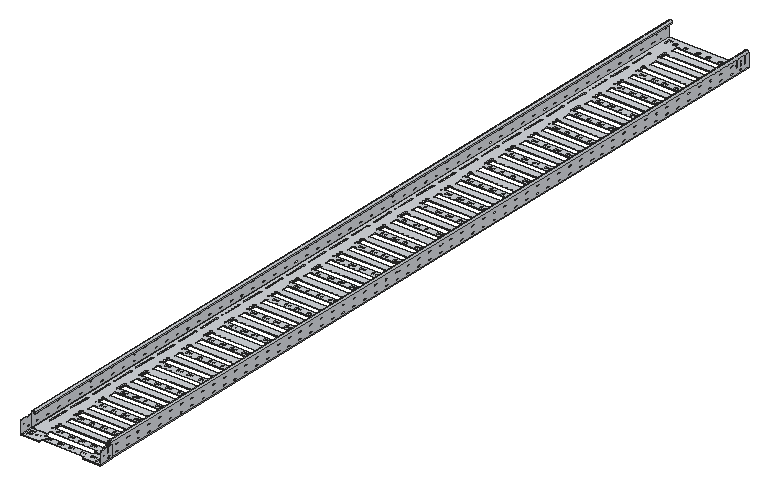
Revit family "MKSM Magic Kabelrinne 1 mm- MKSM 630 FT,FS", category Generic Models, Revit 2017 (continued)
Dimensions and locks
  locked: cut or joined group 1 (Extrusion 1, Extrusion 3, Extrusion 4, Extrusion 5, Extrusion 6, Extrusion 7, Extrusion 8, Extrusion 9, Extrusion 10, Extrusion 11, Extrusion 12, Extrusion 13, Extrusion 14, Extrusion 15, Extrusion 16, Extrusion 17, Extrusion 18, Extrusion 19, Extrusion 20, Extrusion 21, Extrusion 22, Extrusion 23, Extrusion 24, Extrusion 25, Extrusion 26, Extrusion 27, Extrusion 28, Extrusion 29, Extrusion 30, Extrusion 31, Extrusion 32, Extrusion 33, Extrusion 34, Extrusion 35, Extrusion 36, Extrusion 37, Extrusion 38, Extrusion 39, Extrusion 40, Extrusion 41, Extrusion 42, Extrusion 43, Extrusion 44, Extrusion 45, Extrusion 46, Extrusion 47, Extrusion 48, Extrusion 49, Extrusion 50, Extrusion 51, Extrusion 52, Extrusion 53, Extrusion 54, Extrusion 55, Extrusion 56, Extrusion 57, Extrusion 58, Extrusion 59, Extrusion 60, Extrusion 61, Extrusion 62, Extrusion 63, Extrusion 64, Extrusion 65, Extrusion 66, Extrusion 67, Extrusion 68, Extrusion 69, Extrusion 70, Extrusion 71, Extrusion 72, Extrusion 73, Extrusion 74, Extrusion 75, Extrusion 76, Extrusion 77, Extrusion 78, Extrusion 79, Extrusion 80, Extrusion 81, Extrusion 82, Extrusion 83, Extrusion 84, Extrusion 85, Extrusion 86, Extrusion 87, Extrusion 88, Extrusion 89, Extrusion 90, Extrusion 91, Extrusion 92, Extrusion 93, Extrusion 94, Extrusion 95, Extrusion 96, Extrusion 97, Extrusion 98, Extrusion 99, Extrusion 100, Extrusion 101, Extrusion 102, Extrusion 103, Extrusion 104, Extrusion 105, Extrusion 106, Extrusion 107, Extrusion 108, Extrusion 109, Extrusion 110, Extrusion 111, Extrusion 112, Extrusion 113, Extrusion 114, Extrusion 115, Extrusion 116, Extrusion 117, Extrusion 118, Extrusion 119, Extrusion 120, Extrusion 121, Extrusion 122, Extrusion 123, Extrusion 124, Extrusion 125, Extrusion 126, Extrusion 127, Extrusion 128, Extrusion 129, Extrusion 130, Extrusion 131, Extrusion 132, Extrusion 133, Extrusion 134, Extrusion 135, Extrusion 136, Extrusion 137, Extrusion 138, Extrusion 139, Extrusion 140, Extrusion 141, Extrusion 142, Extrusion 143, Extrusion 144, Extrusion 145, Extrusion 146, Extrusion 147, Extrusion 148, Extrusion 149, Extrusion 150, Extrusion 151, Extrusion 152, Extrusion 153, Extrusion 154, Extrusion 155, Extrusion 156, Extrusion 157, Extrusion 158, Extrusion 159, Extrusion 160, Extrusion 161, Extrusion 162, Extrusion 163, Extrusion 164, Extrusion 165, Extrusion 166, Extrusion 167, Extrusion 168, Extrusion 169, Extrusion 170, Extrusion 171, Extrusion 172, Extrusion 173, Extrusion 174, Extrusion 175, Extrusion 176, Extrusion 177, Extrusion 178, Extrusion 179, Extrusion 180, Extrusion 181, Extrusion 182, Extrusion 183, Extrusion 184, Extrusion 185, Extrusion 186, Extrusion 187, Extrusion 188, Extrusion 189, Extrusion 190, Extrusion 191, Extrusion 192, Extrusion 193, Extrusion 194, Extrusion 195, Extrusion 196, Extrusion 197, Extrusion 198, Extrusion 199, Extrusion 200, Extrusion 201, Extrusion 202, Extrusion 203, Extrusion 204, Extrusion 205, Extrusion 206, Extrusion 207, Extrusion 208, Extrusion 209, Extrusion 210, Extrusion 211, Extrusion 212, Extrusion 213, Extrusion 214, Extrusion 215, Extrusion 216, Extrusion 217, Extrusion 218, Extrusion 219, Extrusion 220, Extrusion 221, Extrusion 222, Extrusion 223, Extrusion 224, Extrusion 225, Extrusion 226, Extrusion 227, Extrusion 228, Extrusion 229, Extrusion 230, Extrusion 231, Extrusion 232, Extrusion 233, Extrusion 234, Extrusion 235, Extrusion 236, Extrusion 237, Extrusion 238, Extrusion 239, Extrusion 240, Extrusion 241, Extrusion 242, Extrusion 243, Extrusion 244, Extrusion 249, Extrusion 250, Extrusion 251, Extrusion 252, Extrusion 254, Extrusion 257, Extrusion 258, Extrusion 259, Extrusion 260, Extrusion 261, Extrusion 262, Extrusion 263, Extrusion 264, Extrusion 265, Extrusion 266, Extrusion 267, Extrusion 268, Extrusion 269, Extrusion 270, Extrusion 271, Extrusion 272, Extrusion 273, Extrusion 274, Extrusion 275, Extrusion 276, Extrusion 277, Extrusion 278, Extrusion 279, Extrusion 280, Extrusion 281, Extrusion 282, Extrusion 283, Extrusion 284, Extrusion 285, Extrusion 286, Extrusion 287, Extrusion 289, Extrusion 290, Extrusion 291, Extrusion 292, Extrusion 293, Extrusion 294, Extrusion 295, Extrusion 296, Extrusion 297, Extrusion 298, Extrusion 299, Extrusion 300, Extrusion 301, Extrusion 302, Extrusion 303, Extrusion 304, Extrusion 305, Extrusion 306, Extrusion 307, Extrusion 308, Extrusion 309, Extrusion 310, Extrusion 311, Extrusion 312, Extrusion 313, Extrusion 314, Extrusion 315, Extrusion 316, Extrusion 317, Extrusion 318, Extrusion 319, Extrusion 320, Extrusion 321, Extrusion 322, Extrusion 323, Extrusion 324, Extrusion 325, Extrusion 326, Extrusion 327, Extrusion 328, Extrusion 329, Extrusion 330, Extrusion 331, Extrusion 332, Extrusion 333, Extrusion 334, Extrusion 335, Extrusion 336, Extrusion 337, Extrusion 338, Extrusion 339, Extrusion 340, Extrusion 341, Extrusion 342, Extrusion 343, Extrusion 344, Extrusion 345, Extrusion 346, Extrusion 347, Extrusion 348, Extrusion 349, Extrusion 350, Extrusion 351, Extrusion 352, Extrusion 353, Extrusion 354, Extrusion 355, Extrusion 356, Extrusion 357, Extrusion 358, Extrusion 359, Extrusion 360, Extrusion 361, Extrusion 362, Extrusion 363, Extrusion 364, Extrusion 365, Extrusion 366, Extrusion 367, Extrusion 368, Extrusion 369, Extrusion 370, Extrusion 371, Extrusion 372, Extrusion 373, Extrusion 374, Extrusion 375, Extrusion 376, Extrusion 377, Extrusion 378, Extrusion 379, Extrusion 380, Extrusion 381, Extrusion 382, Extrusion 383, Extrusion 384, Extrusion 385, Extrusion 386, Extrusion 387, Extrusion 388, Extrusion 389, Extrusion 390, Extrusion 391, Extrusion 392, Extrusion 393, Extrusion 394, Extrusion 395, Extrusion 396, Extrusion 397, Extrusion 398, Extrusion 399, Extrusion 400, Extrusion 401) to cut or joined group 2 (Extrusion 1, Extrusion 3, Extrusion 4, Extrusion 5, Extrusion 6, Extrusion 7, Extrusion 8, Extrusion 9, Extrusion 10, Extrusion 11, Extrusion 12, Extrusion 13, Extrusion 14, Extrusion 15, Extrusion 16, Extrusion 17, Extrusion 18, Extrusion 19, Extrusion 20, Extrusion 21, Extrusion 22, Extrusion 23, Extrusion 24, Extrusion 25, Extrusion 26, Extrusion 27, Extrusion 28, Extrusion 29, Extrusion 30, Extrusion 31, Extrusion 32, Extrusion 33, Extrusion 34, Extrusion 35, Extrusion 36, Extrusion 37, Extrusion 38, Extrusion 39, Extrusion 40, Extrusion 41, Extrusion 42, Extrusion 43, Extrusion 44, Extrusion 45, Extrusion 46, Extrusion 47, Extrusion 48, Extrusion 49, Extrusion 50, Extrusion 51, Extrusion 52, Extrusion 53, Extrusion 54, Extrusion 55, Extrusion 56, Extrusion 57, Extrusion 58, Extrusion 59, Extrusion 60, Extrusion 61, Extrusion 62, Extrusion 63, Extrusion 64, Extrusion 65, Extrusion 66, Extrusion 67, Extrusion 68, Extrusion 69, Extrusion 70, Extrusion 71, Extrusion 72, Extrusion 73, Extrusion 74, Extrusion 75, Extrusion 76, Extrusion 77, Extrusion 78, Extrusion 79, Extrusion 80, Extrusion 81, Extrusion 82, Extrusion 83, Extrusion 84, Extrusion 85, Extrusion 86, Extrusion 87, Extrusion 88, Extrusion 89, Extrusion 90, Extrusion 91, Extrusion 92, Extrusion 93, Extrusion 94, Extrusion 95, Extrusion 96, Extrusion 97, Extrusion 98, Extrusion 99, Extrusion 100, Extrusion 101, Extrusion 102, Extrusion 103, Extrusion 104, Extrusion 105, Extrusion 106, Extrusion 107, Extrusion 108, Extrusion 109, Extrusion 110, Extrusion 111, Extrusion 112, Extrusion 113, Extrusion 114, Extrusion 115, Extrusion 116, Extrusion 117, Extrusion 118, Extrusion 119, Extrusion 120, Extrusion 121, Extrusion 122, Extrusion 123, Extrusion 124, Extrusion 125, Extrusion 126, Extrusion 127, Extrusion 128, Extrusion 129, Extrusion 130, Extrusion 131, Extrusion 132, Extrusion 133, Extrusion 134, Extrusion 135, Extrusion 136, Extrusion 137, Extrusion 138, Extrusion 139, Extrusion 140, Extrusion 141, Extrusion 142, Extrusion 143, Extrusion 144, Extrusion 145, Extrusion 146, Extrusion 147, Extrusion 148, Extrusion 149, Extrusion 150, Extrusion 151, Extrusion 152), Extrusion
     153, Extrusion 154, Extrusion 155, Extrusion 156, Extrusion 157, Extrusion 158, Extrusion 159, Extrusion 160, Extrusion 161, Extrusion 162, Extrusion 163, Extrusion 164, Extrusion 165, Extrusion 166, Extrusion 167, Extrusion 168, Extrusion 169, Extrusion 170, Extrusion 171, Extrusion 172, Extrusion 173, Extrusion 174, Extrusion 175, Extrusion 176, Extrusion 177, Extrusion 178, Extrusion 179, Extrusion 180, Extrusion 181, Extrusion 182, Extrusion 183, Extrusion 184, Extrusion 185, Extrusion 186, Extrusion 187, Extrusion 188, Extrusion 189, Extrusion 190, Extrusion 191, Extrusion 192, Extrusion 193, Extrusion 194, Extrusion 195, Extrusion 196, Extrusion 197, Extrusion 198, Extrusion 199, Extrusion 200, Extrusion 201, Extrusion 202, Extrusion 203, Extrusion 204, Extrusion 205, Extrusion 206, Extrusion 207, Extrusion 208, Extrusion 209, Extrusion 210, Extrusion 211, Extrusion 212, Extrusion 213, Extrusion 214, Extrusion 215, Extrusion 216, Extrusion 217, Extrusion 218, Extrusion 219, Extrusion 220, Extrusion 221, Extrusion 222, Extrusion 223, Extrusion 224, Extrusion 225, Extrusion 226, Extrusion 227, Extrusion 228, Extrusion 229, Extrusion 230, Extrusion 231, Extrusion 232, Extrusion 233, Extrusion 234, Extrusion 235, Extrusion 236, Extrusion 237, Extrusion 238, Extrusion 239, Extrusion 240, Extrusion 241, Extrusion 242, Extrusion 243, Extrusion 244, Extrusion 249, Extrusion 250, Extrusion 251, Extrusion 252, Extrusion 254, Extrusion 257, Extrusion 258, Extrusion 259, Extrusion 260, Extrusion 261, Extrusion 262, Extrusion 263, Extrusion 264, Extrusion 265, Extrusion 266, Extrusion 267, Extrusion 268, Extrusion 269, Extrusion 270, Extrusion 271, Extrusion 272, Extrusion 273, Extrusion 274, Extrusion 275, Extrusion 276, Extrusion 277, Extrusion 278, Extrusion 279, Extrusion 280, Extrusion 281, Extrusion 282, Extrusion 283, Extrusion 284, Extrusion 285, Extrusion 286, Extrusion 287, Extrusion 289, Extrusion 290, Extrusion 291, Extrusion 292, Extrusion 293, Extrusion 294, Extrusion 295, Extrusion 296, Extrusion 297, Extrusion 298, Extrusion 299, Extrusion 300, Extrusion 301, Extrusion 302, Extrusion 303, Extrusion 304, Extrusion 305, Extrusion 306, Extrusion 307, Extrusion 308, Extrusion 309, Extrusion 310, Extrusion 311, Extrusion 312, Extrusion 313, Extrusion 314, Extrusion 315, Extrusion 316, Extrusion 317, Extrusion 318, Extrusion 319, Extrusion 320, Extrusion 321, Extrusion 322, Extrusion 323, Extrusion 324, Extrusion 325, Extrusion 326, Extrusion 327, Extrusion 328, Extrusion 329, Extrusion 330, Extrusion 331, Extrusion 332, Extrusion 333, Extrusion 334, Extrusion 335, Extrusion 336, Extrusion 337, Extrusion 338, Extrusion 339, Extrusion 340, Extrusion 341, Extrusion 342, Extrusion 343, Extrusion 344, Extrusion 345, Extrusion 346, Extrusion 347, Extrusion 348, Extrusion 349, Extrusion 350, Extrusion 351, Extrusion 352, Extrusion 353, Extrusion 354, Extrusion 355, Extrusion 356, Extrusion 357, Extrusion 358, Extrusion 359, Extrusion 360, Extrusion 361, Extrusion 362, Extrusion 363, Extrusion 364, Extrusion 365, Extrusion 366, Extrusion 367, Extrusion 368, Extrusion 369, Extrusion 370, Extrusion 371, Extrusion 372, Extrusion 373, Extrusion 374, Extrusion 375, Extrusion 376, Extrusion 377, Extrusion 378, Extrusion 379, Extrusion 380, Extrusion 381, Extrusion 382, Extrusion 383, Extrusion 384, Extrusion 385, Extrusion 386, Extrusion 387, Extrusion 388, Extrusion 389, Extrusion 390, Extrusion 391, Extrusion 392, Extrusion 393, Extrusion 394, Extrusion 395, Extrusion 396, Extrusion 397, Extrusion 398, Extrusion 399, Extrusion 400, Extrusion 401 at 10.35
  Extrusion 6 sketch curve to plane 17 = 22.745 mm
  Extrusion 6 sketch curve to Extrusion 6 sketch curve = 24.5 mm
  Extrusion 6 sketch curve to plane 20 = 12.25 mm
  Extrusion 6 sketch curve to plane 20 = 4 mm  (x2)
  locked: cut or joined group 1 to cut or joined group 2, Extrusion
     153, Extrusion 154, Extrusion 155, Extrusion 156, Extrusion 157, Extrusion 158, Extrusion 159, Extrusion 160, Extrusion 161, Extrusion 162, Extrusion 163, Extrusion 164, Extrusion 165, Extrusion 166, Extrusion 167, Extrusion 168, Extrusion 169, Extrusion 170, Extrusion 171, Extrusion 172, Extrusion 173, Extrusion 174, Extrusion 175, Extrusion 176, Extrusion 177, Extrusion 178, Extrusion 179, Extrusion 180, Extrusion 181, Extrusion 182, Extrusion 183, Extrusion 184, Extrusion 185, Extrusion 186, Extrusion 187, Extrusion 188, Extrusion 189, Extrusion 190, Extrusion 191, Extrusion 192, Extrusion 193, Extrusion 194, Extrusion 195, Extrusion 196, Extrusion 197, Extrusion 198, Extrusion 199, Extrusion 200, Extrusion 201, Extrusion 202, Extrusion 203, Extrusion 204, Extrusion 205, Extrusion 206, Extrusion 207, Extrusion 208, Extrusion 209, Extrusion 210, Extrusion 211, Extrusion 212, Extrusion 213, Extrusion 214, Extrusion 215, Extrusion 216, Extrusion 217, Extrusion 218, Extrusion 219, Extrusion 220, Extrusion 221, Extrusion 222, Extrusion 223, Extrusion 224, Extrusion 225, Extrusion 226, Extrusion 227, Extrusion 228, Extrusion 229, Extrusion 230, Extrusion 231, Extrusion 232, Extrusion 233, Extrusion 234, Extrusion 235, Extrusion 236, Extrusion 237, Extrusion 238, Extrusion 239, Extrusion 240, Extrusion 241, Extrusion 242, Extrusion 243, Extrusion 244, Extrusion 249, Extrusion 250, Extrusion 251, Extrusion 252, Extrusion 254, Extrusion 257, Extrusion 258, Extrusion 259, Extrusion 260, Extrusion 261, Extrusion 262, Extrusion 263, Extrusion 264, Extrusion 265, Extrusion 266, Extrusion 267, Extrusion 268, Extrusion 269, Extrusion 270, Extrusion 271, Extrusion 272, Extrusion 273, Extrusion 274, Extrusion 275, Extrusion 276, Extrusion 277, Extrusion 278, Extrusion 279, Extrusion 280, Extrusion 281, Extrusion 282, Extrusion 283, Extrusion 284, Extrusion 285, Extrusion 286, Extrusion 287, Extrusion 289, Extrusion 290, Extrusion 291, Extrusion 292, Extrusion 293, Extrusion 294, Extrusion 295, Extrusion 296, Extrusion 297, Extrusion 298, Extrusion 299, Extrusion 300, Extrusion 301, Extrusion 302, Extrusion 303, Extrusion 304, Extrusion 305, Extrusion 306, Extrusion 307, Extrusion 308, Extrusion 309, Extrusion 310, Extrusion 311, Extrusion 312, Extrusion 313, Extrusion 314, Extrusion 315, Extrusion 316, Extrusion 317, Extrusion 318, Extrusion 319, Extrusion 320, Extrusion 321, Extrusion 322, Extrusion 323, Extrusion 324, Extrusion 325, Extrusion 326, Extrusion 327, Extrusion 328, Extrusion 329, Extrusion 330, Extrusion 331, Extrusion 332, Extrusion 333, Extrusion 334, Extrusion 335, Extrusion 336, Extrusion 337, Extrusion 338, Extrusion 339, Extrusion 340, Extrusion 341, Extrusion 342, Extrusion 343, Extrusion 344, Extrusion 345, Extrusion 346, Extrusion 347, Extrusion 348, Extrusion 349, Extrusion 350, Extrusion 351, Extrusion 352, Extrusion 353, Extrusion 354, Extrusion 355, Extrusion 356, Extrusion 357, Extrusion 358, Extrusion 359, Extrusion 360, Extrusion 361, Extrusion 362, Extrusion 363, Extrusion 364, Extrusion 365, Extrusion 366, Extrusion 367, Extrusion 368, Extrusion 369, Extrusion 370, Extrusion 371, Extrusion 372, Extrusion 373, Extrusion 374, Extrusion 375, Extrusion 376, Extrusion 377, Extrusion 378, Extrusion 379, Extrusion 380, Extrusion 381, Extrusion 382, Extrusion 383, Extrusion 384, Extrusion 385, Extrusion 386, Extrusion 387, Extrusion 388, Extrusion 389, Extrusion 390, Extrusion 391, Extrusion 392, Extrusion 393, Extrusion 394, Extrusion 395, Extrusion 396, Extrusion 397, Extrusion 398, Extrusion 399, Extrusion 400, Extrusion 401 at 61.308
  locked: cut or joined group 1 to cut or joined group 2, Extrusion
     153, Extrusion 154, Extrusion 155, Extrusion 156, Extrusion 157, Extrusion 158, Extrusion 159, Extrusion 160, Extrusion 161, Extrusion 162, Extrusion 163, Extrusion 164, Extrusion 165, Extrusion 166, Extrusion 167, Extrusion 168, Extrusion 169, Extrusion 170, Extrusion 171, Extrusion 172, Extrusion 173, Extrusion 174, Extrusion 175, Extrusion 176, Extrusion 177, Extrusion 178, Extrusion 179, Extrusion 180, Extrusion 181, Extrusion 182, Extrusion 183, Extrusion 184, Extrusion 185, Extrusion 186, Extrusion 187, Extrusion 188, Extrusion 189, Extrusion 190, Extrusion 191, Extrusion 192, Extrusion 193, Extrusion 194, Extrusion 195, Extrusion 196, Extrusion 197, Extrusion 198, Extrusion 199, Extrusion 200, Extrusion 201, Extrusion 202, Extrusion 203, Extrusion 204, Extrusion 205, Extrusion 206, Extrusion 207, Extrusion 208, Extrusion 209, Extrusion 210, Extrusion 211, Extrusion 212, Extrusion 213, Extrusion 214, Extrusion 215, Extrusion 216, Extrusion 217, Extrusion 218, Extrusion 219, Extrusion 220, Extrusion 221, Extrusion 222, Extrusion 223, Extrusion 224, Extrusion 225, Extrusion 226, Extrusion 227, Extrusion 228, Extrusion 229, Extrusion 230, Extrusion 231, Extrusion 232, Extrusion 233, Extrusion 234, Extrusion 235, Extrusion 236, Extrusion 237, Extrusion 238, Extrusion 239, Extrusion 240, Extrusion 241, Extrusion 242, Extrusion 243, Extrusion 244, Extrusion 249, Extrusion 250, Extrusion 251, Extrusion 252, Extrusion 254, Extrusion 257, Extrusion 258, Extrusion 259, Extrusion 260, Extrusion 261, Extrusion 262, Extrusion 263, Extrusion 264, Extrusion 265, Extrusion 266, Extrusion 267, Extrusion 268, Extrusion 269, Extrusion 270, Extrusion 271, Extrusion 272, Extrusion 273, Extrusion 274, Extrusion 275, Extrusion 276, Extrusion 277, Extrusion 278, Extrusion 279, Extrusion 280, Extrusion 281, Extrusion 282, Extrusion 283, Extrusion 284, Extrusion 285, Extrusion 286, Extrusion 287, Extrusion 289, Extrusion 290, Extrusion 291, Extrusion 292, Extrusion 293, Extrusion 294, Extrusion 295, Extrusion 296, Extrusion 297, Extrusion 298, Extrusion 299, Extrusion 300, Extrusion 301, Extrusion 302, Extrusion 303, Extrusion 304, Extrusion 305, Extrusion 306, Extrusion 307, Extrusion 308, Extrusion 309, Extrusion 310, Extrusion 311, Extrusion 312, Extrusion 313, Extrusion 314, Extrusion 315, Extrusion 316, Extrusion 317, Extrusion 318, Extrusion 319, Extrusion 320, Extrusion 321, Extrusion 322, Extrusion 323, Extrusion 324, Extrusion 325, Extrusion 326, Extrusion 327, Extrusion 328, Extrusion 329, Extrusion 330, Extrusion 331, Extrusion 332, Extrusion 333, Extrusion 334, Extrusion 335, Extrusion 336, Extrusion 337, Extrusion 338, Extrusion 339, Extrusion 340, Extrusion 341, Extrusion 342, Extrusion 343, Extrusion 344, Extrusion 345, Extrusion 346, Extrusion 347, Extrusion 348, Extrusion 349, Extrusion 350, Extrusion 351, Extrusion 352, Extrusion 353, Extrusion 354, Extrusion 355, Extrusion 356, Extrusion 357, Extrusion 358, Extrusion 359, Extrusion 360, Extrusion 361, Extrusion 362, Extrusion 363, Extrusion 364, Extrusion 365, Extrusion 366, Extrusion 367, Extrusion 368, Extrusion 369, Extrusion 370, Extrusion 371, Extrusion 372, Extrusion 373, Extrusion 374, Extrusion 375, Extrusion 376, Extrusion 377, Extrusion 378, Extrusion 379, Extrusion 380, Extrusion 381, Extrusion 382, Extrusion 383, Extrusion 384, Extrusion 385, Extrusion 386, Extrusion 387, Extrusion 388, Extrusion 389, Extrusion 390, Extrusion 391, Extrusion 392, Extrusion 393, Extrusion 394, Extrusion 395, Extrusion 396, Extrusion 397, Extrusion 398, Extrusion 399, Extrusion 400, Extrusion 401 at 50.85  (x2)
  cut or joined group 1 to plane 21 = 35.85 mm
  locked: plane 22 to plane 17 at 27.5
  plane 22 to Extrusion 8 sketch curve = 4 mm  (x2)
  plane 21 to Extrusion 8 sketch curve = 4 mm
  Extrusion 8 sketch curve to plane 21 = 4 mm
  plane 23 to Extrusion 9 sketch curve = 3.5 mm  (x2)
  Extrusion 9 sketch curve to plane 21 = 7.5 mm
  plane 21 to Extrusion 9 sketch curve = 7.5 mm
  plane 23 to Extrusion 10 sketch curve = 3.5 mm  (x2)
  plane 21 to Extrusion 10 sketch curve = 7.5 mm
  Extrusion 10 sketch curve to plane 21 = 7.5 mm
  locked: cut or joined group 1 to cut or joined group 2, Extrusion
     153, Extrusion 154, Extrusion 155, Extrusion 156, Extrusion 157, Extrusion 158, Extrusion 159, Extrusion 160, Extrusion 161, Extrusion 162, Extrusion 163, Extrusion 164, Extrusion 165, Extrusion 166, Extrusion 167, Extrusion 168, Extrusion 169, Extrusion 170, Extrusion 171, Extrusion 172, Extrusion 173, Extrusion 174, Extrusion 175, Extrusion 176, Extrusion 177, Extrusion 178, Extrusion 179, Extrusion 180, Extrusion 181, Extrusion 182, Extrusion 183, Extrusion 184, Extrusion 185, Extrusion 186, Extrusion 187, Extrusion 188, Extrusion 189, Extrusion 190, Extrusion 191, Extrusion 192, Extrusion 193, Extrusion 194, Extrusion 195, Extrusion 196, Extrusion 197, Extrusion 198, Extrusion 199, Extrusion 200, Extrusion 201, Extrusion 202, Extrusion 203, Extrusion 204, Extrusion 205, Extrusion 206, Extrusion 207, Extrusion 208, Extrusion 209, Extrusion 210, Extrusion 211, Extrusion 212, Extrusion 213, Extrusion 214, Extrusion 215, Extrusion 216, Extrusion 217, Extrusion 218, Extrusion 219, Extrusion 220, Extrusion 221, Extrusion 222, Extrusion 223, Extrusion 224, Extrusion 225, Extrusion 226, Extrusion 227, Extrusion 228, Extrusion 229, Extrusion 230, Extrusion 231, Extrusion 232, Extrusion 233, Extrusion 234, Extrusion 235, Extrusion 236, Extrusion 237, Extrusion 238, Extrusion 239, Extrusion 240, Extrusion 241, Extrusion 242, Extrusion 243, Extrusion 244, Extrusion 249, Extrusion 250, Extrusion 251, Extrusion 252, Extrusion 254, Extrusion 257, Extrusion 258, Extrusion 259, Extrusion 260, Extrusion 261, Extrusion 262, Extrusion 263, Extrusion 264, Extrusion 265, Extrusion 266, Extrusion 267, Extrusion 268, Extrusion 269, Extrusion 270, Extrusion 271, Extrusion 272, Extrusion 273, Extrusion 274, Extrusion 275, Extrusion 276, Extrusion 277, Extrusion 278, Extrusion 279, Extrusion 280, Extrusion 281, Extrusion 282, Extrusion 283, Extrusion 284, Extrusion 285, Extrusion 286, Extrusion 287, Extrusion 289, Extrusion 290, Extrusion 291, Extrusion 292, Extrusion 293, Extrusion 294, Extrusion 295, Extrusion 296, Extrusion 297, Extrusion 298, Extrusion 299, Extrusion 300, Extrusion 301, Extrusion 302, Extrusion 303, Extrusion 304, Extrusion 305, Extrusion 306, Extrusion 307, Extrusion 308, Extrusion 309, Extrusion 310, Extrusion 311, Extrusion 312, Extrusion 313, Extrusion 314, Extrusion 315, Extrusion 316, Extrusion 317, Extrusion 318, Extrusion 319, Extrusion 320, Extrusion 321, Extrusion 322, Extrusion 323, Extrusion 324, Extrusion 325, Extrusion 326, Extrusion 327, Extrusion 328, Extrusion 329, Extrusion 330, Extrusion 331, Extrusion 332, Extrusion 333, Extrusion 334, Extrusion 335, Extrusion 336, Extrusion 337, Extrusion 338, Extrusion 339, Extrusion 340, Extrusion 341, Extrusion 342, Extrusion 343, Extrusion 344, Extrusion 345, Extrusion 346, Extrusion 347, Extrusion 348, Extrusion 349, Extrusion 350, Extrusion 351, Extrusion 352, Extrusion 353, Extrusion 354, Extrusion 355, Extrusion 356, Extrusion 357, Extrusion 358, Extrusion 359, Extrusion 360, Extrusion 361, Extrusion 362, Extrusion 363, Extrusion 364, Extrusion 365, Extrusion 366, Extrusion 367, Extrusion 368, Extrusion 369, Extrusion 370, Extrusion 371, Extrusion 372, Extrusion 373, Extrusion 374, Extrusion 375, Extrusion 376, Extrusion 377, Extrusion 378, Extrusion 379, Extrusion 380, Extrusion 381, Extrusion 382, Extrusion 383, Extrusion 384, Extrusion 385, Extrusion 386, Extrusion 387, Extrusion 388, Extrusion 389, Extrusion 390, Extrusion 391, Extrusion 392, Extrusion 393, Extrusion 394, Extrusion 395, Extrusion 396, Extrusion 397, Extrusion 398, Extrusion 399, Extrusion 400, Extrusion 401 at 28.35  (x2)
